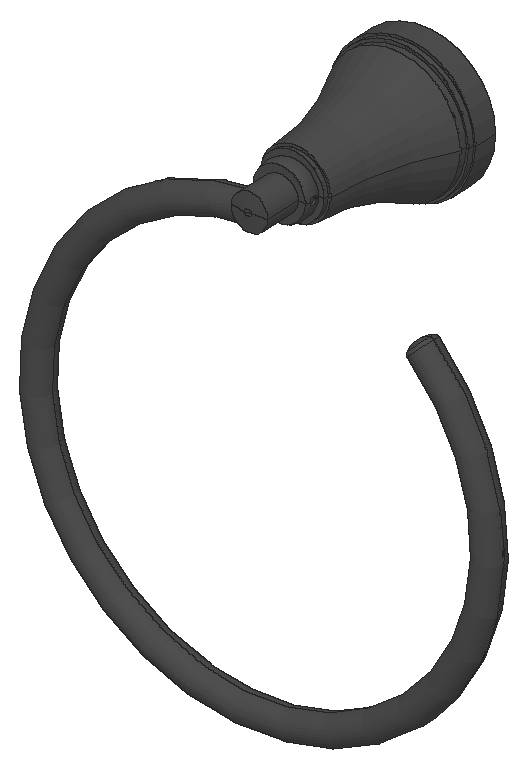
Revit family "Reece_Accessory_Kado_Era_Towel Ring", category Plumbing Fixtures, Revit 2018
Family settings
  Round Connector Dimension = Use Diameter
  Part Type = Normal
  Work Plane-Based = Yes
  Always vertical = Yes
  Cut with Voids When Loaded = Yes
  Shared = Yes
  Room Calculation Point = Yes
Parameters (values of type "Matte Black")
  URL = "https://www.reece.com.au/product/-2263729"
  Type Comments = "Accessory"
  Reece_Product_Web Page = "https://www.reece.com.au/product/-2263729"
  Reece_Product_Type = "Accessory"  # constant formula
  Reece_Product_Sub Brand = "Era"  # constant formula
  Reece_Product_Number = "2263729"
  Reece_Product_Mount = "Wall Mounted"
  Reece_Product_Description = "Kado Era Towel Ring Matte Black"
  Reece_Product_Brand = "Kado"  # constant formula
  Reece_Overall_Projection = 75 mm  # constant formula
  Reece_Overall_Length = 165 mm  # constant formula
  Reece_Overall_Height = 187.5 mm  # constant formula
  Reece_Material_Main = Reece_Brass_Matte Black
  Reece_Height_From_Level [instance] = 600 mm
  Reece_Detail_Installation = "Wall Mounted"  # constant formula
  Reece_Detail_Disclaimer = "THIS FILE IS THE PROPERTY OF THE REECE GROUP. IT MAY NOT BE REPRODUCED, REVERSE-ENGINEERED OR MODIFIED. ANY REPUBLICATION, TRANSMISSION OR DISTRIBUTION FOR THE PURPOSE OF COMMERCIALLY EXPLOITING THE FILES IS PROHIBITED."  # constant formula
  Reece_Detail_Additional = "Towel Ring"  # constant formula
  Model = "Era"
  Manufacturer = "Kado"
  Keynote = "Product #2263729, Reece_Accessory_Kado_Era_Towel Ring - Matte Black"
  Disclaimer = "THIS FILE IS THE PROPERTY OF THE REECE GROUP. IT MAY NOT BE REPRODUCED, REVERSE-ENGINEERED OR MODIFIED. ANY REPUBLICATION, TRANSMISSION OR DISTRIBUTION FOR THE PURPOSE OF COMMERCIALLY EXPLOITING THE FILES IS PROHIBITED."  # constant formula
  Description = "Kado Era Towel Ring Matte Black"
  Default Elevation = 0 mm
Types (5, lengths in mm): name | URL | Reece_Product_Web Page | Reece_Product_Number | Reece_Product_Description | Reece_Material_Main | Keynote | Description
  (no name) | "https://www.reece.com.au/product/-9512124" | "https://www.reece.com.au/product/-9512124" | "9512124" | "Kado Era Towel Ring Brushed Nickel" | Reece_Brass_Brushed Nickel | "Product #9512124, Reece_Accessory_Kado_Era_Towel Ring -  " | "Kado Era Towel Ring Brushed Nickel"
  Chrome | "https://www.reece.com.au/product/-9507728" | "https://www.reece.com.au/product/-9507728" | "9507728" | "Kado Era Towel Ring Chrome" | Reece_Brass_Chrome | "Product #9507728, Reece_Accessory_Kado_Era_Towel Ring - Chrome" | "Kado Era Towel Ring Chrome"
  Matte Black | "https://www.reece.com.au/product/-2263729" | "https://www.reece.com.au/product/-2263729" | "2263729" | "Kado Era Towel Ring Matte Black" | Reece_Brass_Matte Black | "Product #2263729, Reece_Accessory_Kado_Era_Towel Ring - Matte Black" | "Kado Era Towel Ring Matte Black"
  Brass Gold | "https://www.reece.com.au/product/-9507727" | "https://www.reece.com.au/product/-9507727" | "9507727" | "Kado Era Towel Ring Brass Gold" | Reece_Brass_Gold | "Product #9507727, Reece_Accessory_Kado_Era_Towel Ring - Brass Gold" | "Kado Era Towel Ring Brass Gold"
  Brushed Nickel | "https://www.reece.com.au/product/-9512124" | "https://www.reece.com.au/product/-9512124" | "9512124" | "Kado Era Towel Ring Brushed Nickel" | Reece_Brass_Brushed Nickel | "Product #9512124, Reece_Accessory_Kado_Era_Towel Ring - Brushed Nickel" | "Kado Era Towel Ring Brushed Nickel"
Reference planes
  plane 1 "Center (Front/Back)": y = 0
  plane 2 "Bottom Host Plane": z = -5
  plane 3 "Center (Left/Right)": x = 0
  plane 4 "Height From Floor": z = 600
  plane 5: z = 625
  plane 6: x = -82.5
  plane 7: x = 82.5
  plane 8: z = 437.5
  plane 9: y = -75
Forms (mm)
  Sweep 1, solid, material "Reece_Brass_Matte Black" <- "Reece_Material_Main"
    path origin (-145.873, -68.5, 30.957) x (-0.959839, 0, 0.28055) y (0.28055, 0, 0.959839)
      loop
        arc (-42.441, 582.687) -> (6.106, 428.311) -> (20.332, 589.514) r 82.5
    profile origin (-31.571, -68.5, 443.78) x (0.382683, 0, 0.92388) y (0, 1, 0)
      loop
        circle (4.75, 0) r 5
  Revolve 2, solid, material "Reece_Brass_Matte Black" <- "Reece_Material_Main"
    sketch origin (431.765, -68.5, 347.211) x (0, 0, -1) y (-1, 0, 0)
      loop
        line (-227.766, 376.788) -> (-229.534, 378.555)
        arc (-229.534, 378.555) -> (-230.891, 376.688) -> (-231.725, 374.535) r 8.934
        arc (-231.725, 374.535) -> (-231.697, 373.833) -> (-231.302, 373.252) r 1.275
        line (-231.302, 373.252) -> (-227.766, 376.788)
      axis (-227.766, 376.788) -> (-229.534, 378.555)
    angle from 0 to 360
  Revolve 3, solid, material "Reece_Brass_Matte Black" <- "Reece_Material_Main"
    sketch origin (-8.4, 0, 600) x (-1, 0, 0) y (0, -1, 0)
      loop
        line (-8.4, 0) -> (16.6, 0) -> (16.6, 8.5) -> (15.8, 8.5) -> (15.8, 10.5) -> (14.8, 10.5) -> (14.8, 12.8)
        arc (14.8, 12.8) -> (6.46, 33.023) -> (3.525, 54.7) r 85.493
        line (3.525, 54.7) -> (2.65, 54.7) -> (2.65, 56.2) -> (0.5, 56.2)
        arc (0.5, 56.2) -> (1.05, 58.925) -> (0.5, 61.65) r 7.026
        line (0.5, 61.65) -> (-2.13, 61.65) -> (-2.13, 74.575)
        arc (-2.13, 74.575) -> (-4.638, 74.893) -> (-7.164, 75) r 30
        line (-7.164, 75) -> (-8.4, 75) -> (-8.4, 0)
      axis (-8.4, 0) -> (-8.4, 75)
    angle from 0 to 360
  Revolve 4, void
    sketch origin (0, 0, 600) x (-1, 0, 0) y (0, -1, 0)
      loop
        line (-8.172, 58.925) -> (-10.772, 58.925) -> (-10.772, 57.413) -> (-8.172, 57.413) -> (-8.172, 58.925)
      loop
        line (8.172, 58.925) -> (8.172, 57.413) -> (10.772, 57.413) -> (10.772, 58.925) -> (8.172, 58.925)
      axis (10.772, 58.925) -> (-10.772, 58.925)
    angle from 0 to 360
Cuts and joins
  Revolve 4 cuts Revolve 3
  joined: Sweep 1, Revolve 2, Revolve 3
Lines and regions (mm)
  model lines, style "InvisibleLines"
    curve 1: line (0, 0, -5) -> (0, 0, 600)
Text (mm)
  text "Reece ©" at (2668.853, -2395.367, 2952.593), in view "Reece Preview"
  text "Reece Copyright © 2018, Reece Ltd." at (-247.475, -190.626, 0), in view "Ref. Level"
Dimensions and locks
  plane 2 "Bottom Host Plane" to level = 5 mm
  locked: level to plane 2 "Bottom Host Plane" at 5
  "Reece_Height_From_Level": plane 4 "Height From Floor" to level
  locked: plane 5 to plane 4 "Height From Floor" at 25
  equal spacing: plane 7, plane 3 "Center (Left/Right)", plane 6
  "Reece_Overall_Projection": plane 9 to plane 1 "Center (Front/Back)"
  "Reece_Overall_Length": plane 6 to plane 7
  plane 4 "Height From Floor" to plane 5 = 25 mm
  "Reece_Overall_Height": plane 5 to plane 8
  "Reece_Overall_Projection": curve 1 to plane 9
  aligned and locked: plane 2 "Bottom Host Plane" to curve 1
  aligned and locked: plane 4 "Height From Floor" to curve 1
Automatic sketch dimensions
  Sweep 1 sketch curve to profile plane = 0 mm
  Sweep 1 sketch curve to profile plane = 4.75 mm
  curve 1 to plane 3 "Center (Left/Right)" = 0 mm
  plane 3 "Center (Left/Right)" to Revolve 3 sketch curve = 0 mm  (x2)
  Revolve 3 sketch curve to plane 1 "Center (Front/Back)" = 12.283 mm
  plane 1 "Center (Front/Back)" to Revolve 3 sketch curve = 0 mm
  Revolve 3 sketch curve to plane 3 "Center (Left/Right)" = 2.424 mm
  Revolve 3 sketch curve to plane 3 "Center (Left/Right)" = 1.236 mm
  Revolve 3 sketch curve to plane 3 "Center (Left/Right)" = 6.27 mm
  Revolve 3 sketch curve to plane 3 "Center (Left/Right)" = 8.9 mm
  Revolve 3 sketch curve to Revolve 3 sketch curve = 2.63 mm
  Revolve 3 sketch curve to Revolve 3 sketch curve = 2.15 mm
  Revolve 3 sketch curve to Revolve 3 sketch curve = 0.875 mm
  plane 1 "Center (Front/Back)" to Revolve 3 sketch curve = 10.5 mm
  Revolve 3 sketch curve to plane 3 "Center (Left/Right)" = 23.2 mm
  Revolve 3 sketch curve to Revolve 3 sketch curve = 1 mm
  Revolve 3 sketch curve to Revolve 3 sketch curve = 0.8 mm
  Revolve 3 sketch curve to plane 6 = 14.917 mm
  Revolve 3 sketch curve to Revolve 3 sketch curve = 2 mm
  Revolve 3 sketch curve to Revolve 3 sketch curve = 2.3 mm
  Revolve 3 sketch curve to Revolve 3 sketch curve = 1.5 mm
  Revolve 3 sketch curve to Revolve 3 sketch curve = 2.725 mm
  Revolve 3 sketch curve to Revolve 3 sketch curve = 9.7 mm
  Revolve 3 sketch curve to plane 9 = 0 mm
  plane 9 to Revolve 3 sketch curve = 30 mm
  Revolve 3 sketch curve to Revolve 3 sketch curve = 22.717 mm
  Sweep 1 sketch curve to plane 3 "Center (Left/Right)" = 0 mm  (x2)
  Sweep 1 sketch curve to plane 4 "Height From Floor" = 80 mm
  Sweep 1 sketch curve to Sweep 1 sketch curve = 39.627 mm
  Sweep 1 sketch curve to Sweep 1 sketch curve = 62.773 mm
  Revolve 2 sketch curve to plane 4 "Height From Floor" = 21.487 mm
  Revolve 2 sketch curve to Revolve 2 sketch curve = 0.816 mm
  Revolve 2 sketch curve to Revolve 2 sketch curve = 0.952 mm
  Revolve 2 sketch curve to Revolve 2 sketch curve = 1.768 mm
  Revolve 2 sketch curve to Revolve 2 sketch curve = 4.72 mm
  plane 7 to Revolve 2 sketch curve = 23.148 mm
  Revolve 2 sketch curve to Revolve 2 sketch curve = 0.839 mm
  Revolve 2 sketch curve to Revolve 2 sketch curve = 0.98 mm
  Revolve 2 sketch curve to Revolve 2 sketch curve = 2.555 mm
  Revolve 2 sketch curve to Revolve 2 sketch curve = 1.207 mm  (x2)
  Revolve 2 sketch curve to Revolve 2 sketch curve = 0 mm  (x2)
  plane 3 "Center (Left/Right)" to Revolve 4 sketch curve = 10.772 mm
  Revolve 4 sketch curve to Revolve 4 sketch curve = 2.6 mm  (x2)
  Revolve 4 sketch curve to plane 3 "Center (Left/Right)" = 8.172 mm
  plane 9 to Revolve 4 sketch curve = 17.587 mm
  Revolve 4 sketch curve to Revolve 4 sketch curve = 0 mm
  Revolve 4 sketch curve to Revolve 4 sketch curve = 1.512 mm  (x2)
  Revolve 4 sketch curve to Revolve 4 sketch curve = 18.128 mm
  Revolve 4 sketch curve to Revolve 4 sketch curve = 0.728 mm
  plane 9 to Revolve 4 sketch curve = 16.075 mm
  radius of Sweep 1 sketch curve = 5 mm
